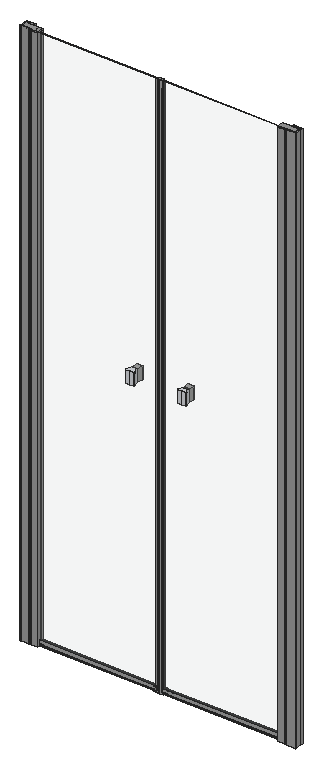
Revit family "Sanitary_Shower-screens_Duscholux_D2Swing_Pivot-twin-doors-shower-PLUS GIRO", category Aparatos sanitarios, Revit 2019
Family settings
  Cota de conector redondo = Diámetro de uso
  Tipo de pieza = Normal
  Número OmniClass = 23.45.00.00
  Título OmniClass = Sanitary, Laundry, and Cleaning Equipment
  Se basa en plano de trabajo = No
  Siempre vertical = Sí
  Corte con vacíos al cargar = No
  Compartido = No
  Punto de cálculo de habitación = No
Parameters (values of type "Black Aluminium Finish")
  opening right angle = 0.00°
  Width = 1000 mm
  URL = "http://www.duscholux.es/"
  Thickness Glass = 5 mm  # constant formula
  Technical Inspection Certificate (Applus) = "https://www.duscholux.es/es/Descargas/"
  Series = "D2"
  Ref. = "SQC"
  Products = "http://www.duscholux.es/mamparas_filtro.aspx?es"
  Opening System Image = "http://blob.duscholux.es/pluma512/FD2pabatible180.gif"
  Opening System = "Pivot Door"
  Opening left angle = 0.00°
  Modelo = "D2 Swing"
  Min Max Width = if(Width < 500 mm, 500 mm, if(Width > 1400 mm, 1400 mm, Width))  # 1000 mm
  Max Height = if(Height > 2000 mm, 2000 mm, Height)  # 2000 mm
  Maintenance and Cleaning = "https://www.duscholux.es/es/Cuidado-y-limpieza/"
  Image = "https://www.duscholux.es/medium/D2_SWING_FD_2P_PLATA.jpg?m=7417&w=960&h=768&g=0"
  Height = 2000 mm
  Handle Material = Anodized Aluminium_Duscholux Material-Black Finish
  Handle Height = Max Height / 2  # 1000 mm
  Glass in Building UNE EN 12150 = "CE Conformity marking"
  Glass Material = Glass_Material-Duscholux
  Frame Material = Anodized Aluminium_Duscholux Material-Black Finish
  Fact Sheet = "https://www.duscholux.es/es/Producto/D2-Swing-Frontal-para-ducha-de-2-puertas-abatibles-180%C2%BA"
  Fabricante = "Duscholux Ibérica, S.A."
  Environmental Management ISO 14001 = "ECOEMBES Certificate"
  Door aperture = (Min Max Width / 2) - 52.6 mm  # 447.4 mm
  Descripción = "Pivot twin doors at 180° for shower"
  Código de montaje = "C1030200"
  Configuration enclosure = "http://configuratumampara.duscholux.es/eCatalogo.aspx"
  Components = "Eropean components"
  Type Comments = ""
  Combinations = "Lateral 90° / Lateral180°"
  Certified Quality UNE EN 14428 = "http://www.duscholux.es/duscholux_downloads.aspx?es"
  Accesories Material = Plastic_Duscholux Material-Black Finish
Types (4, lengths in mm): name | Handle Material | Frame Material | Accesories Material
  (no name) | Anodized Aluminium_Duscholux Material-Black Finish | Anodized Aluminium_Duscholux Material-Black Finish | Plastic_Duscholux Material-Black Finish
  Shiny silver Finish | Zamac_Duscholux Material-Chrome Finish | Anodized Aluminium_Duscholux Material-Shiny Silver Finish | Plastic_Duscholux Material-Gray Finish
  Matte Silver Aluminium Finish | Zamac_Duscholux Material-Matte Silver Finish | Anodized Aluminium_Duscholux Material-Matte Silver Finish | Plastic_Duscholux Material-Gray Finish
  Black Aluminium Finish | Anodized Aluminium_Duscholux Material-Black Finish | Anodized Aluminium_Duscholux Material-Black Finish | Plastic_Duscholux Material-Black Finish
Reference planes
  plane 1 "Centro (Frontal/Posterior)": y = 0
  plane 2: z = 0
  plane 3 "Centro (Izquierda/Derecha)": x = 0
  plane 4: x = 52.584
  plane 5: z = 2000
  plane 6: z = 1000
  plane 7: z = 0
  plane 8: z = 8
  plane 9: y = -15.3
  plane 10: x = 500
  plane 11: z = 1996
  plane 12: x = 1000
  plane 13: x = 947.416
  plane 14: y = 2.5
  plane 15: y = 2.5
  plane 16: y = -2.5
  plane 17: z = 1992
Forms (mm)
  Extrusion 1, solid, material "Plástico, transparente"
    sketch origin (52.584, 0, 0) x (1, 0, 0) y (0, 1, 0)
      loop
        arc (445.931, 6.231) -> (441.757, 6.175) -> (438.286, 3.855) r 7.349
        line (438.286, 3.855) -> (433.963, 3.855) -> (433.963, 2.855) -> (439, 2.855) -> (439, -2.855) -> (433.963, -2.855) -> (433.963, -3.855) -> (438.286, -3.855)
        arc (438.286, -3.855) -> (441.765, -6.175) -> (445.947, -6.226) r 7.362
        arc (445.947, -6.226) -> (446.998, -5.51) -> (447.4, -4.303) r 1.989
        line (447.4, -4.303) -> (447.4, 4.303)
        arc (447.4, 4.303) -> (446.991, 5.515) -> (445.931, 6.231) r 2
    from 0 to 1992
  Extrusion 2, solid, material "Glass_Material-Duscholux" <- "Glass Material"
    sketch origin (52.584, 0, 0) x (1, 0, 0) y (0, 1, 0)
      loop
        line (0, 2.5) -> (0, -2.5) -> (439, -2.5) -> (439, 2.5) -> (0, 2.5)
    from 8 to 1992
  Extrusion 3, solid, material "Plástico, transparente"
    sketch origin (947.416, 0, 0) x (-1, 0, 0) y (0, -1, 0)
      loop
        arc (438.286, -3.855) -> (441.757, -6.175) -> (445.931, -6.231) r 7.349
        arc (445.931, -6.231) -> (446.991, -5.515) -> (447.4, -4.303) r 2
        line (447.4, -4.303) -> (447.4, 4.303)
        arc (447.4, 4.303) -> (446.998, 5.51) -> (445.947, 6.226) r 1.989
        arc (445.947, 6.226) -> (441.765, 6.175) -> (438.286, 3.855) r 7.362
        line (438.286, 3.855) -> (433.963, 3.855) -> (433.963, 2.855) -> (439, 2.855) -> (439, -2.855) -> (433.963, -2.855) -> (433.963, -3.855) -> (438.286, -3.855)
    from 0 to 1992
  Extrusion 4, solid, material "Glass_Material-Duscholux" <- "Glass Material"
    sketch origin (947.416, 0, 0) x (-1, 0, 0) y (0, -1, 0)
      loop
        line (439, -2.5) -> (439, 2.5) -> (0, 2.5) -> (0, -2.5) -> (439, -2.5)
    from 8 to 1992
  Extrusion 5, solid, material "Anodized Aluminium_Duscholux Material-Black Finish" <- "Frame Material"
    sketch origin (0, 0, 0) x (1, 0, 0) y (0, 1, 0)
      loop
        line (0, 19.189) -> (0, 10.882) -> (1.635, 10.882) -> (1.635, -11.305) -> (0, -11.305) -> (0, -13.118) -> (30.856, -13.118) -> (31.356, -11.8) -> (2.935, -11.8) -> (2.935, 11.8) -> (30.852, 11.8) -> (30.852, 19.189) -> (0, 19.189)
    from 0 to 2000
  Extrusion 6, solid, material "Anodized Aluminium_Duscholux Material-Black Finish" <- "Frame Material"
    sketch origin (0, 0, 0) x (1, 0, 0) y (0, 1, 0)
      loop
        line (5.907, 11.5) -> (5.907, 3.35) -> (20.907, 3.35) -> (20.907, -3.35) -> (5.907, -3.35) -> (5.907, -11.5) -> (36.017, -11.5) -> (36.017, -10.023) -> (36.642, -10.648)
        arc (36.642, -10.648) -> (37.699, -10.929) -> (37.913, -9.857) r 0.75
        arc (37.913, -9.857) -> (34.909, 0.004) -> (37.917, 9.863) r 17.675
        arc (37.917, 9.863) -> (37.7, 10.93) -> (36.647, 10.656) r 0.75
        line (36.647, 10.656) -> (36.017, 10.026) -> (36.017, 11.5) -> (5.907, 11.5)
    from 0 to 1996
  Extrusion 7, solid, material "Anodized Aluminium_Duscholux Material-Black Finish" <- "Frame Material"
    sketch origin (52.584, 0, 0) x (1, 0, 0) y (0, 1, 0)
      loop
        line (12.121, 11.499) -> (-11.626, 11.499)
        arc (-11.626, 11.499) -> (-12.99, 11.171) -> (-14.056, 10.258) r 3
        arc (-14.056, 10.258) -> (-17.379, -0.001) -> (-14.056, -10.26) r 17.5
        arc (-14.056, -10.26) -> (-12.99, -11.173) -> (-11.626, -11.501) r 3
        line (-11.626, -11.501) -> (12.121, -11.501) -> (12.121, -3.348) -> (-2.879, -3.348) -> (-2.879, 3.349) -> (12.121, 3.349) -> (12.121, 11.499)
    from 0 to 1996
  Extrusion 8, solid, material "Anodized Aluminium_Duscholux Material-Black Finish" <- "Frame Material"
    sketch origin (0, 0, 0) x (1, 0, 0) y (0, 1, 0)
      loop
        line (969.146, 19.189) -> (969.146, 11.8) -> (997.065, 11.8) -> (997.065, -11.8) -> (968.644, -11.8) -> (969.144, -13.118) -> (1000, -13.118) -> (1000, -11.305) -> (998.365, -11.305) -> (998.365, 10.882) -> (1000, 10.882) -> (1000, 19.189) -> (969.146, 19.189)
    from 0 to 2000
  Extrusion 9, solid, material "Anodized Aluminium_Duscholux Material-Black Finish" <- "Frame Material"
    sketch origin (0, 0, 0) x (1, 0, 0) y (0, 1, 0)
      loop
        line (994.093, 11.5) -> (963.983, 11.5) -> (963.983, 10.026) -> (963.353, 10.656)
        arc (963.353, 10.656) -> (962.3, 10.93) -> (962.083, 9.863) r 0.75
        arc (962.083, 9.863) -> (965.091, 0.004) -> (962.087, -9.857) r 17.675
        arc (962.087, -9.857) -> (962.301, -10.929) -> (963.358, -10.648) r 0.75
        line (963.358, -10.648) -> (963.983, -10.023) -> (963.983, -11.5) -> (994.093, -11.5) -> (994.093, -3.35) -> (979.093, -3.35) -> (979.093, 3.35) -> (994.093, 3.35) -> (994.093, 11.5)
    from 0 to 1996
  Extrusion 10, solid, material "Anodized Aluminium_Duscholux Material-Black Finish" <- "Frame Material"
    sketch origin (947.416, 0, 0) x (-1, 0, 0) y (0, -1, 0)
      loop
        line (-11.626, -11.499) -> (12.121, -11.499) -> (12.121, -3.349) -> (-2.879, -3.349) -> (-2.879, 3.348) -> (12.121, 3.348) -> (12.121, 11.501) -> (-11.626, 11.501)
        arc (-11.626, 11.501) -> (-12.99, 11.173) -> (-14.056, 10.26) r 3
        arc (-14.056, 10.26) -> (-17.379, 0.001) -> (-14.056, -10.258) r 17.5
        arc (-14.056, -10.258) -> (-12.99, -11.171) -> (-11.626, -11.499) r 3
    from 0 to 1996
  Extrusion 11, solid, material "Anodized Aluminium_Duscholux Material-Black Finish" <- "Frame Material"
    sketch origin (0, 0, 0) x (1, 0, 0) y (0, 1, 0)
      loop
        line (5.907, 11.5) -> (5.907, -11.501) -> (64.706, -11.501) -> (64.706, 11.5) -> (5.907, 11.5)
    from 1996 to 2000
  Extrusion 12, solid, material "Anodized Aluminium_Duscholux Material-Black Finish" <- "Frame Material"
    sketch origin (0, 0, 0) x (1, 0, 0) y (0, 1, 0)
      loop
        line (935.294, 11.499) -> (935.294, -11.5) -> (994.093, -11.5) -> (994.093, 11.499) -> (935.294, 11.499)
    from 1996 to 2000
Lines and regions (mm)
  symbolic lines
    curve 1: line (52.584, 0, 0) -> (52.584, 447.4, 0)
    curve 2: line (52.584, 0, 0) -> (52.584, -447.4, 0)
    curve 3: arc (52.584, 447.4, 0) -> (499.984, 0, 0) -> (52.584, -447.4, 0) r 447.4
    curve 6: line (947.416, 0, 0) -> (947.416, 447.4, 0)
    curve 7: line (947.416, 0, 0) -> (947.416, -447.4, 0)
    curve 8: arc (947.416, 447.4, 0) -> (500.016, 0, 0) -> (947.416, -447.4, 0) r 447.4
  reference lines
    curve 4: line (947.416, 0, 0) -> (500.016, 0, 0)
    curve 5: line (52.584, 0, 0) -> (499.984, 0, 0)
Dimensions and locks
  plane 3 "Centro (Izquierda/Derecha)" to plane 4 = 52.584 mm
  plane 8 to level = 8 mm
  "Max Height": plane 5 to level
  "Min Max Width": plane 3 "Centro (Izquierda/Derecha)" to plane 12
  "Handle Height": plane 6 to level
  locked: plane 5 to plane 11 at 4
  "Door aperture": curve 1 to curve 1
  plane 13 to plane 12 = 52.584 mm
  equal spacing: plane 3 "Centro (Izquierda/Derecha)", plane 10, plane 12
  "Door aperture": curve 4 to curve 4
  "Door aperture": curve 5 to curve 5
  locked: plane 5 to plane 17 at 8
  "Door aperture": curve 6 to curve 6
  "Door aperture": curve 7 to curve 7
  plane 12 to Extrusion 12 = 64.706 mm
  locked: nested 3 to Extrusion 2 at 85
  locked: nested 6 to Extrusion 2 at 85
  locked: Extrusion 4 to nested 5 at 85
  locked: Extrusion 4 to nested 4 at 85
  "opening right angle": angle plane 1 "Centro (Frontal/Posterior)" to curve 4
  "Opening left angle": angle curve 5 to plane 1 "Centro (Frontal/Posterior)"
  aligned and locked: level to plane 2
  aligned and locked: plane 1 "Centro (Frontal/Posterior)" to curve 1
  aligned and locked: plane 1 "Centro (Frontal/Posterior)" to curve 4
  aligned and locked: plane 1 "Centro (Frontal/Posterior)" to curve 5
  aligned and locked: Extrusion 1 to plane 7
  aligned and locked: Extrusion 1 to Extrusion 2
  aligned and locked: Extrusion 2 to plane 8
  aligned and locked: nested 1 to Extrusion 1
  aligned and locked: Extrusion 3 to Extrusion 2
  aligned and locked: Extrusion 3 to plane 7
  aligned and locked: Extrusion 4 to plane 8
  aligned and locked: Extrusion 4 to Extrusion 2
  aligned and locked: Extrusion 3 to nested 2
  aligned and locked: plane 17 to Extrusion 2
  aligned and locked: plane 5 to Extrusion 5
  aligned and locked: plane 11 to Extrusion 7
  aligned and locked: plane 11 to Extrusion 6
  aligned and locked: plane 5 to Extrusion 8
  aligned and locked: plane 11 to Extrusion 10
  aligned and locked: plane 11 to Extrusion 9
  aligned and locked: plane 5 to Extrusion 11
  aligned and locked: Extrusion 11 to plane 11
  aligned and locked: plane 5 to Extrusion 12
  aligned and locked: Extrusion 12 to plane 11
  aligned and locked: plane 6 to nested 4
  aligned and locked: plane 6 to nested 3
  aligned and locked: plane 6 to nested 5
  aligned and locked: plane 6 to nested 6
Automatic sketch dimensions
  Extrusion 1 sketch curve to curve 5 = 0 mm
  Extrusion 1 sketch curve to curve 5 = 4.303 mm
  curve 5 to Extrusion 1 sketch curve = 4.303 mm
  Extrusion 1 sketch curve to curve 5 = 1.989 mm
  Extrusion 1 sketch curve to Extrusion 1 sketch curve = 2 mm
  Extrusion 1 sketch curve to curve 5 = 0.857 mm
  Extrusion 1 sketch curve to curve 5 = 3.458 mm
  curve 5 to Extrusion 1 sketch curve = 0.843 mm
  Extrusion 1 sketch curve to Extrusion 1 sketch curve = 0.004 mm
  Extrusion 1 sketch curve to Extrusion 1 sketch curve = 4.938 mm
  Extrusion 1 sketch curve to Extrusion 1 sketch curve = 0.714 mm  (x2)
  Extrusion 1 sketch curve to Extrusion 1 sketch curve = 4.323 mm  (x2)
  Extrusion 1 sketch curve to curve 5 = 4.311 mm
  curve 5 to Extrusion 1 sketch curve = 3.855 mm
  Extrusion 1 sketch curve to Extrusion 1 sketch curve = 1 mm  (x2)
  Extrusion 1 sketch curve to curve 5 = 2.855 mm
  curve 5 to Extrusion 2 sketch curve = 0 mm
  curve 5 to Extrusion 2 sketch curve = 2.5 mm
  Extrusion 2 sketch curve to curve 5 = 8.4 mm
  Extrusion 2 sketch curve to curve 5 = 2.5 mm
  Extrusion 3 sketch curve to curve 4 = 0 mm
  Extrusion 3 sketch curve to curve 4 = 4.303 mm
  curve 4 to Extrusion 3 sketch curve = 4.303 mm
  Extrusion 3 sketch curve to curve 4 = 1.989 mm
  Extrusion 3 sketch curve to curve 4 = 2 mm
  curve 4 to Extrusion 3 sketch curve = 0.857 mm
  Extrusion 3 sketch curve to curve 4 = 3.458 mm
  Extrusion 3 sketch curve to Extrusion 3 sketch curve = 0.004 mm
  Extrusion 3 sketch curve to Extrusion 3 sketch curve = 4.938 mm
  Extrusion 3 sketch curve to Extrusion 3 sketch curve = 0.714 mm  (x2)
  Extrusion 3 sketch curve to Extrusion 3 sketch curve = 4.323 mm  (x2)
  curve 4 to Extrusion 3 sketch curve = 3.855 mm
  Extrusion 3 sketch curve to Extrusion 3 sketch curve = 1 mm  (x2)
  Extrusion 3 sketch curve to curve 4 = 0.843 mm
  Extrusion 3 sketch curve to curve 4 = 2.855 mm
  Extrusion 3 sketch curve to Extrusion 3 sketch curve = 0.008 mm
  curve 4 to Extrusion 4 sketch curve = 0 mm
  Extrusion 4 sketch curve to curve 4 = 2.5 mm
  Extrusion 4 sketch curve to curve 4 = 8.4 mm
  curve 4 to Extrusion 4 sketch curve = 2.5 mm
  Extrusion 5 sketch curve to plane 3 "Centro (Izquierda/Derecha)" = 0 mm  (x2)
  plane 3 "Centro (Izquierda/Derecha)" to Extrusion 5 sketch curve = 1.635 mm
  Extrusion 5 sketch curve to Extrusion 5 sketch curve = 1.3 mm
  plane 4 to Extrusion 5 sketch curve = 21.733 mm
  Extrusion 5 sketch curve to plane 9 = 2.182 mm
  plane 4 to Extrusion 5 sketch curve = 21.728 mm
  Extrusion 5 sketch curve to Extrusion 5 sketch curve = 0.5 mm
  Extrusion 5 sketch curve to Extrusion 5 sketch curve = 1.319 mm
  Extrusion 5 sketch curve to Extrusion 5 sketch curve = 1.814 mm
  plane 14 to Extrusion 5 sketch curve = 8.382 mm
  Extrusion 5 sketch curve to Extrusion 5 sketch curve = 0.919 mm
  Extrusion 5 sketch curve to Extrusion 5 sketch curve = 7.388 mm
  plane 1 "Centro (Frontal/Posterior)" to Extrusion 6 sketch curve = 0 mm
  Extrusion 6 sketch curve to plane 4 = 0 mm
  plane 14 to Extrusion 6 sketch curve = 7.793 mm
  plane 4 to Extrusion 6 sketch curve = 15.281 mm
  Extrusion 6 sketch curve to plane 9 = 5.008 mm
  Extrusion 6 sketch curve to Extrusion 6 sketch curve = 0.657 mm
  plane 14 to Extrusion 6 sketch curve = 7.526 mm
  Extrusion 6 sketch curve to Extrusion 6 sketch curve = 0.63 mm
  Extrusion 6 sketch curve to Extrusion 6 sketch curve = 1.285 mm
  plane 14 to Extrusion 6 sketch curve = 0.85 mm
  Extrusion 6 sketch curve to Extrusion 6 sketch curve = 15.11 mm
  plane 3 "Centro (Izquierda/Derecha)" to Extrusion 6 sketch curve = 5.907 mm  (x2)
  Extrusion 6 sketch curve to Extrusion 6 sketch curve = 1.208 mm
  Extrusion 6 sketch curve to plane 16 = 0.85 mm
  Extrusion 6 sketch curve to Extrusion 6 sketch curve = 0.363 mm
  Extrusion 6 sketch curve to Extrusion 6 sketch curve = 8.15 mm
  Extrusion 6 sketch curve to Extrusion 6 sketch curve = 0.614 mm
  Extrusion 6 sketch curve to Extrusion 6 sketch curve = 0.611 mm
  Extrusion 6 sketch curve to Extrusion 6 sketch curve = 0.66 mm
  Extrusion 6 sketch curve to plane 9 = 4.652 mm
  Extrusion 6 sketch curve to plane 9 = 5.277 mm
  Extrusion 7 sketch curve to curve 5 = 2.879 mm
  Extrusion 7 sketch curve to curve 5 = 3.349 mm
  curve 5 to Extrusion 7 sketch curve = 12.121 mm
  curve 5 to Extrusion 7 sketch curve = 3.348 mm
  Extrusion 7 sketch curve to Extrusion 7 sketch curve = 0 mm  (x2)
  Extrusion 7 sketch curve to Extrusion 7 sketch curve = 8.153 mm
  Extrusion 7 sketch curve to curve 5 = 11.626 mm  (x2)
  Extrusion 7 sketch curve to Extrusion 7 sketch curve = 8.15 mm
  Extrusion 7 sketch curve to Extrusion 7 sketch curve = 3 mm
  Extrusion 7 sketch curve to Extrusion 7 sketch curve = 2.43 mm  (x2)
  curve 5 to Extrusion 7 sketch curve = 0.001 mm
  Extrusion 8 sketch curve to plane 12 = 0 mm  (x2)
  Extrusion 8 sketch curve to Extrusion 8 sketch curve = 1.635 mm
  Extrusion 8 sketch curve to Extrusion 8 sketch curve = 1.3 mm
  Extrusion 8 sketch curve to plane 9 = 2.182 mm
  plane 13 to Extrusion 8 sketch curve = 21.728 mm
  Extrusion 8 sketch curve to Extrusion 8 sketch curve = 0.5 mm
  Extrusion 8 sketch curve to Extrusion 8 sketch curve = 1.319 mm
  Extrusion 8 sketch curve to Extrusion 8 sketch curve = 0.495 mm
  plane 14 to Extrusion 8 sketch curve = 8.382 mm
  Extrusion 8 sketch curve to Extrusion 8 sketch curve = 0.919 mm
  Extrusion 8 sketch curve to Extrusion 8 sketch curve = 7.388 mm
  plane 13 to Extrusion 8 sketch curve = 21.73 mm
  plane 1 "Centro (Frontal/Posterior)" to Extrusion 9 sketch curve = 0 mm
  Extrusion 9 sketch curve to plane 13 = 0 mm
  plane 13 to Extrusion 9 sketch curve = 15.281 mm
  Extrusion 9 sketch curve to plane 9 = 5.008 mm
  Extrusion 9 sketch curve to Extrusion 9 sketch curve = 0.657 mm
  Extrusion 9 sketch curve to Extrusion 9 sketch curve = 1.285 mm
  plane 14 to Extrusion 9 sketch curve = 7.526 mm
  Extrusion 9 sketch curve to Extrusion 9 sketch curve = 0.63 mm
  Extrusion 9 sketch curve to plane 16 = 0.85 mm
  Extrusion 9 sketch curve to Extrusion 9 sketch curve = 15.11 mm
  Extrusion 9 sketch curve to plane 12 = 5.907 mm  (x2)
  Extrusion 9 sketch curve to Extrusion 9 sketch curve = 1.208 mm
  plane 14 to Extrusion 9 sketch curve = 0.85 mm
  Extrusion 9 sketch curve to Extrusion 9 sketch curve = 0.267 mm
  Extrusion 9 sketch curve to Extrusion 9 sketch curve = 0.363 mm
  Extrusion 9 sketch curve to Extrusion 9 sketch curve = 0.844 mm
  Extrusion 9 sketch curve to Extrusion 9 sketch curve = 0.614 mm
  Extrusion 9 sketch curve to Extrusion 9 sketch curve = 0.611 mm
  Extrusion 9 sketch curve to plane 9 = 4.652 mm
  Extrusion 9 sketch curve to Extrusion 9 sketch curve = 0.66 mm
  Extrusion 9 sketch curve to plane 9 = 5.277 mm
  Extrusion 10 sketch curve to curve 4 = 2.879 mm
  curve 4 to Extrusion 10 sketch curve = 12.121 mm
  Extrusion 10 sketch curve to curve 4 = 3.348 mm
  Extrusion 10 sketch curve to Extrusion 10 sketch curve = 0 mm  (x2)
  curve 4 to Extrusion 10 sketch curve = 3.349 mm
  Extrusion 10 sketch curve to Extrusion 10 sketch curve = 8.15 mm
  Extrusion 10 sketch curve to curve 4 = 11.626 mm  (x2)
  Extrusion 10 sketch curve to Extrusion 10 sketch curve = 8.153 mm
  Extrusion 10 sketch curve to Extrusion 10 sketch curve = 3 mm
  Extrusion 10 sketch curve to Extrusion 10 sketch curve = 2.43 mm  (x2)
  Extrusion 10 sketch curve to curve 4 = 0.001 mm
  plane 3 "Centro (Izquierda/Derecha)" to Extrusion 11 sketch curve = 5.907 mm
  Extrusion 11 sketch curve to plane 9 = 3.799 mm
  Extrusion 11 sketch curve to plane 4 = 12.121 mm
  plane 14 to Extrusion 11 sketch curve = 9 mm
  Extrusion 12 sketch curve to plane 9 = 3.8 mm
  Extrusion 12 sketch curve to plane 13 = 12.121 mm
  Extrusion 12 sketch curve to plane 12 = 5.907 mm
  plane 14 to Extrusion 12 sketch curve = 8.999 mm
  curve 1 to plane 4 = 0 mm
  plane 1 "Centro (Frontal/Posterior)" to curve 6 = 0 mm
  curve 6 to plane 13 = 0 mm
  plane 1 "Centro (Frontal/Posterior)" to curve 3 = 0 mm
  curve 5 to plane 4 = 0 mm
  curve 4 to plane 13 = 0 mm
Nested families
  nested 1: "Lower-Guide" at (486.548, -1.856, 8) x (-1, 0, 0) z (0, 0, 1), type "Lower-Guide", detail levels fine
    with built-in parameter 1001306 1.382 (stored number, unit not read)
  nested 2: "Lower-Guide" at (935.294, -1.471, 8) x (-1, 0, 0) z (0, 0, 1), type "Lower-Guide", detail levels fine
    with built-in parameter 1001306 1.384 (stored number, unit not read)
  nested 3: "Handle-ext-SWING" at (406.584, -2.5, 1000) x (-1, 0, 0) z (0, -1, 0), type "Handle-ext-SWING"
  nested 4: "Handle-ext-SWING" at (593.416, -2.5, 1000) x (-1, 0, 0) z (0, -1, 0), type "Handle-ext-SWING"
  nested 5: "Handle-int-SWING" at (593.416, 2.5, 1000) x (1, 0, 0) z (0, 1, 0), type "Handle-int-SWING"
  nested 6: "Handle-int-SWING" at (406.584, 2.5, 1000) x (1, 0, 0) z (0, 1, 0), type "Handle-int-SWING"
Definition of nested family "Lower-Guide"
  Parameters (values of type "2353MA")
    built-in parameter 1001306 [instance] = 500 mm
  Reference planes
    plane 1 "Centro (Frontal/Posterior)": y = 0
    plane 2: z = 0
    plane 3 "Izquierda": x = 0
    plane 4 "Derecha": x = 500
    plane 5: z = 0
  Forms (mm)
    Extrusion 1, solid
      sketch origin (0, 0, 0) x (0, 1, 0) y (0, 0, 1)
        loop
          line (-4.2, 0) -> (-3, 12) -> (-4.5, 12) -> (-5.692, 0.15)
          arc (-5.692, 0.15) -> (-5.345, -0.968) -> (-4.3, -1.497) r 1.5
          line (-4.3, -1.497) -> (-4.3, -5.874)
          arc (-4.3, -5.874) -> (-3.9, -6.274) -> (-3.5, -5.874) r 0.4
          line (-3.5, -5.874) -> (-3.5, -1.5) -> (3.5, -1.5) -> (3.5, -7.653)
          arc (3.5, -7.653) -> (3.9, -8.053) -> (4.3, -7.653) r 0.4
          line (4.3, -7.653) -> (4.3, -1.508) -> (5.754, -1.508) -> (11.976, -3.947)
          arc (11.976, -3.947) -> (12.62, -3.771) -> (12.515, -3.111) r 0.5
          line (12.515, -3.111) -> (9.056, -1.58)
          arc (9.056, -1.58) -> (6.398, 0.585) -> (5.211, 3.802) r 6.5
          line (5.211, 3.802) -> (4.5, 12) -> (3, 12) -> (4.2, 0) -> (-4.2, 0)
      from 0 to 500
  Lines and regions (mm)
    reference lines
      curve 1: line (0, 0, 0) -> (500, 0, 0)
  Dimensions and locks
    "built-in parameter 1001306": plane 3 "Izquierda" to plane 4 "Derecha"
    aligned and locked: plane 4 "Derecha" to curve 1
    aligned and locked: plane 1 "Centro (Frontal/Posterior)" to curve 1
    aligned and locked: plane 3 "Izquierda" to curve 1
    aligned and locked: level to plane 2
    aligned and locked: plane 4 "Derecha" to Extrusion 1
  Automatic sketch dimensions
    Extrusion 1 sketch curve to level = 0 mm  (x2)
    Extrusion 1 sketch curve to Extrusion 1 sketch curve = 0.4 mm  (x3)
    Extrusion 1 sketch curve to Extrusion 1 sketch curve = 0 mm  (x2)
    Extrusion 1 sketch curve to Extrusion 1 sketch curve = 1.5 mm  (x2)
    Extrusion 1 sketch curve to Extrusion 1 sketch curve = 1.454 mm
    Extrusion 1 sketch curve to level = 1.58 mm
    Extrusion 1 sketch curve to Extrusion 1 sketch curve = 3.301 mm
    level to Extrusion 1 sketch curve = 4.364 mm
    Extrusion 1 sketch curve to Extrusion 1 sketch curve = 2.632 mm
    Extrusion 1 sketch curve to level = 3.947 mm
    Extrusion 1 sketch curve to Extrusion 1 sketch curve = 2.921 mm
    Extrusion 1 sketch curve to Extrusion 1 sketch curve = 0.224 mm
    Extrusion 1 sketch curve to level = 3.111 mm
    Extrusion 1 sketch curve to Extrusion 1 sketch curve = 0.315 mm
    Extrusion 1 sketch curve to level = 5.874 mm
    Extrusion 1 sketch curve to Extrusion 1 sketch curve = 1.778 mm
    Extrusion 1 sketch curve to level = 1.508 mm
    Extrusion 1 sketch curve to level = 1.5 mm
    Extrusion 1 sketch curve to Extrusion 1 sketch curve = 0.003 mm
    level to Extrusion 1 sketch curve = 12 mm
    level to Extrusion 1 sketch curve = 0.15 mm
    plane 1 "Centro (Frontal/Posterior)" to Extrusion 1 sketch curve = 3 mm
    plane 1 "Centro (Frontal/Posterior)" to Extrusion 1 sketch curve = 3.5 mm
    Extrusion 1 sketch curve to Extrusion 1 sketch curve = 0.1 mm  (x2)
    Extrusion 1 sketch curve to plane 1 "Centro (Frontal/Posterior)" = 3 mm
    Extrusion 1 sketch curve to plane 1 "Centro (Frontal/Posterior)" = 3.5 mm
    Extrusion 1 sketch curve to Extrusion 1 sketch curve = 0.799 mm
    level to Extrusion 1 sketch curve = 3.802 mm
Definition of nested family "Handle-ext-SWING"
  Parameters (values of type "Handle-ext-SWING")
    Long. tirador = 43.6 mm
    Handle Material = none
    Default Elevation = 1219.2 mm
  Reference planes
    plane 1 "Centro (Frontal/Posterior)": y = 0
    plane 2: z = 0
    plane 3 "Centro (Izquierda/Derecha)": x = 0
    plane 4: y = 21.8
    plane 5: y = -21.8
    plane 6: x = -9.5
    plane 7: x = 9.5
    plane 8: z = 0
    plane 9: z = 19.911
  Forms (mm)
    Extrusion 1, solid
      sketch origin (0, 0, 0) x (1, 0, 0) y (0, 1, 0)
        loop
          line (-1219.2, 1219.2) -> (-1219.2, -1219.2) -> (1219.2, -1219.2) -> (1219.2, 1219.2) -> (-1219.2, 1219.2)
      from 0 to -304.8
    Extrusion 2, solid
      sketch origin (0, 0, 0) x (1, 0, 0) y (0, 0, 1)
        loop
          line (14.376, 19.911) -> (0, 19.911) -> (-14.376, 19.911)
          arc (-14.376, 19.911) -> (-15.225, 19.559) -> (-15.576, 18.711) r 1.2
          line (-15.576, 18.711) -> (-15.576, 17.307)
          arc (-15.576, 17.307) -> (-10.99, 9.188) -> (-9.4, 0) r 27.336
          line (-9.4, 0) -> (0, 0) -> (9.4, 0)
          arc (9.4, 0) -> (10.99, 9.188) -> (15.576, 17.307) r 27.336
          line (15.576, 17.307) -> (15.576, 18.711)
          arc (15.576, 18.711) -> (15.225, 19.559) -> (14.376, 19.911) r 1.2
      from -21.8 to 21.8
  Dimensions and locks
    equal spacing: plane 4, plane 1 "Centro (Frontal/Posterior)", plane 5
    equal spacing: plane 6, plane 3 "Centro (Izquierda/Derecha)", plane 7
    plane 6 to plane 7 = 19 mm
    "Long. tirador": plane 4 to plane 5
    locked: plane 9 to Extrusion 1 at 19.911
    aligned and locked: plane 2 to Extrusion 1
    aligned and locked: level to Extrusion 1
    aligned and locked: plane 4 to Extrusion 2
    aligned and locked: Extrusion 2 to plane 5
  Automatic sketch dimensions
    Extrusion 1 sketch curve to Extrusion 1 sketch curve = 2438.4 mm  (x2)
    Extrusion 2 sketch curve to plane 3 "Centro (Izquierda/Derecha)" = 0 mm  (x2)
    Extrusion 2 sketch curve to plane 9 = 1.2 mm  (x2)
    plane 7 to Extrusion 2 sketch curve = 4.876 mm
    Extrusion 2 sketch curve to Extrusion 2 sketch curve = 1.404 mm
    Extrusion 2 sketch curve to level = 0 mm
    plane 7 to Extrusion 2 sketch curve = 27.236 mm
    plane 6 to Extrusion 2 sketch curve = 0.1 mm
    Extrusion 2 sketch curve to plane 6 = 27.236 mm
    Extrusion 2 sketch curve to plane 9 = 2.604 mm
    Extrusion 2 sketch curve to plane 9 = 0 mm
Definition of nested family "Handle-int-SWING"
  Parameters (values of type "Handle-int-SWING")
    Long. tirador = 43.6 mm
    Handle Material = none
    Default Elevation = 1219.2 mm
  Reference planes
    plane 1 "Centro (Frontal/Posterior)": y = 0
    plane 2: z = 0
    plane 3 "Centro (Izquierda/Derecha)": x = 0
    plane 4: y = 21.8
    plane 5: y = -21.8
    plane 6: z = 0
  Forms (mm)
    Extrusion 1, solid
      sketch origin (0, 0, 0) x (1, 0, 0) y (0, 1, 0)
        loop
          line (-1219.2, 1219.2) -> (-1219.2, -1219.2) -> (1219.2, -1219.2) -> (1219.2, 1219.2) -> (-1219.2, 1219.2)
      from 0 to -304.8
    Extrusion 2, solid, material <- "Handle Material"
      sketch origin (0, 0, 0) x (1, 0, 0) y (0, 0, 1)
        loop
          arc (-9.44, 20.3) -> (-10.324, 19.916) -> (-10.647, 19.008) r 1.21
          line (-10.647, 19.008) -> (-9.356, 0) -> (9.356, 0) -> (10.647, 19.008)
          arc (10.647, 19.008) -> (10.324, 19.916) -> (9.44, 20.3) r 1.21
          line (9.44, 20.3) -> (-9.44, 20.3)
      from -21.8 to 21.8
  Dimensions and locks
    equal spacing: plane 4, plane 1 "Centro (Frontal/Posterior)", plane 5
    "Long. tirador": plane 4 to plane 5
    aligned and locked: plane 2 to Extrusion 1
    aligned and locked: level to Extrusion 1
    aligned and locked: plane 4 to Extrusion 2
    aligned and locked: Extrusion 2 to plane 5
  Automatic sketch dimensions
    Extrusion 1 sketch curve to Extrusion 1 sketch curve = 2438.4 mm  (x2)
    level to Extrusion 2 sketch curve = 19.09 mm
    Extrusion 2 sketch curve to Extrusion 2 sketch curve = 1.21 mm  (x2)
    Extrusion 2 sketch curve to level = 0 mm
    plane 3 "Centro (Izquierda/Derecha)" to Extrusion 2 sketch curve = 9.356 mm
    plane 3 "Centro (Izquierda/Derecha)" to Extrusion 2 sketch curve = 9.44 mm
    Extrusion 2 sketch curve to Extrusion 2 sketch curve = 1.207 mm  (x2)
    Extrusion 2 sketch curve to plane 3 "Centro (Izquierda/Derecha)" = 9.356 mm
    Extrusion 2 sketch curve to plane 3 "Centro (Izquierda/Derecha)" = 9.44 mm
